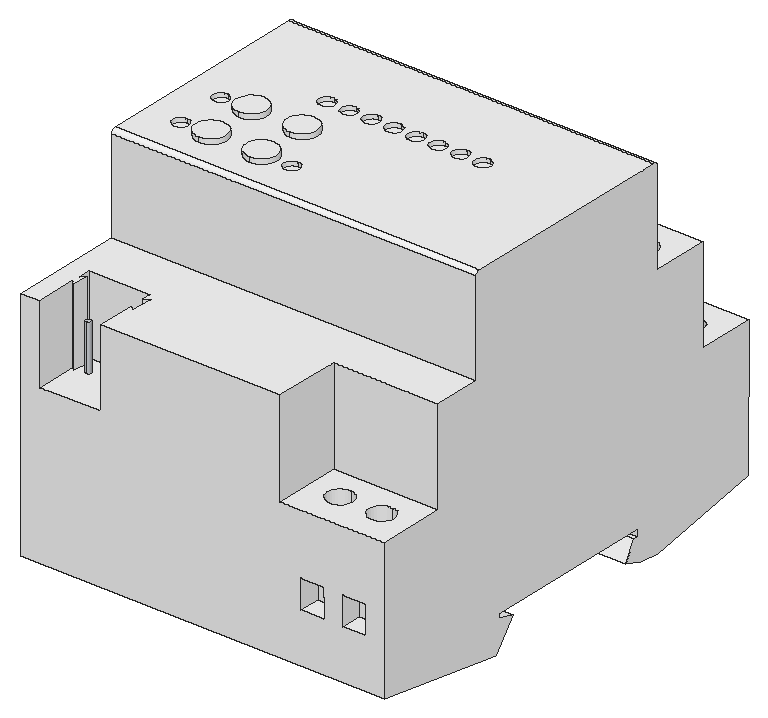
Revit family "Gira_104500", category Electrical Fixtures, host Face, Revit 2017
Family settings
  Host = Face
  Maintain Annotation Orientation = No
  Round Connector Dimension = Use Diameter
  Part Type = Normal
  Cut with Voids When Loaded = No
  Shared = No
  Room Calculation Point = No
Parameters (values of type "Swit.act. 4-g 16 A man.act. + C-load KNX DRA")
  With switch function = no
  URL = "https://www.gira.de/"
  Type Comments = ""
  Suitable for C-load = yes
  Rated current [Ampere] = 16
  Output voltage [Volt] = ""
  Output current [Ampere] = ""
  Number of outputs = 0
  Number of inputs = 0
  Number of binary inputs = 0
  Model = ""
  Max. number of venetian-blind outputs = 0
  Max. number of switching contacts = 4
  Manufacturer = "Gira"
  Local operation/hand operation = yes
  Keynote = ""
  HeinzeBIM = "https://www.heinze.de/bim/swit-act-4-g-16-a-man-act-c-load-knx-dra/0fc7e0d236254f28f1635273de1e57fbb803f5fc"
  HAN = "104500"
  GTIN = "4010337042266"
  Description = "Swit.act.4g 16A C load DRA KNX KNX switching actuator, 4-gang 16 A with manual actuation and current measurement for C-loads,DRA plus DRA switching actuators with integrated bus coupler. For switching independently controllable groups of loads. With manual switch for switching over the relay (On Off) parallel or without KNX operation. Multi-phase connection. No additional power supply required.,Features: - Manual actuation of the relay independent of the bus or switching position indication. - NO contact or NC contact operation. - Central switching function. - Group feedback for reduction of bus load. - Active or passive (object can be read out) cyclical feedback function. - Feedback can be delayed until after the recovery of bus voltage. - Logical linking function for each output. - Block function can be parameterised for each channel. As an alternative, forced setting function for each output. - Time functions (switch-on off delay, staircase light function – also with advance warning function). - Integration in light scenes is possible, eight internal scenes at the most can be parameterised per channel. - Memory function for light scenes. - Elapsed operating time meter as forward backward counter with limit function (limit can be changed via bus) can be activated for each output. - Input monitoring for cyclical updating with safety setting. - Reactions in case of bus voltage failure and restoration can be set for each channel following an ETS programming process. - The switching contacts of the switching actuator, 4-gang, C-load are especially designed for loads with a capacitive character, and therefore conditional, brief, high switch-on currents (see Technical Data). - The switching actuator has an integrated current detection. - A current measurement can be carried out for each channel. - Independent switching of the four outputs. - Current detection: Measurement of load current for each channel. - Threshold values for load monitoring (e.g. signalling of load failure).,Notes : - Installation on DIN top-hat rail. - VDE approval in accordance with EN 60669-1, EN 60669-2-1."
  Default Elevation = 1219.2 mm
  Cost = 0
  Bus connection included = yes
  BIMSITE_PRODUCT_ID = "0fc7e0d236254f28f1635273de1e57fbb803f5fc"
  BIM = "https://media.live.bim.site/t/eyJhbGciOiJIUzI1NiIsInR5cCI6IkpXVCJ9.eyJjdCI6MSwidGYiOiJwdWJsaWMvZ2lyYS8wOWY1ZGI1L1JFRyA4Zi5yZmEiLCJjaWQiOiJmZWQ5OGU5YS0xYmQ4LTRjNjgtYTczYi03NGE5NGUzMTU4MjMiLCJyaWQiOiJlOTk0MTNiZmMxYTU5NDg3NTcxYTkwYmUzNGM0NDg2MyIsInBpZCI6IjBmYzdlMGQyMzYyNTRmMjhmMTYzNTI3M2RlMWU1N2ZiYjgwM2Y1ZmMiLCJzaWQiOiI2MzQ3MCIsInV0Ijo1LCJsYyI6ImVuIiwiaWF0IjoxNjA3NDMxMzIyLCJpc3MiOiJodHRwczovL2FwaS5saXZlLmJpbS5zaXRlIiwic3ViIjoiOGQzYWE1Y2ItZTA2Ni00NTk4LWJlMTYtNmUxNmVlNzQ5NTZhIn0.EuyY4DbUzcxa_sqAhID9XmsJO53fnwT04BXK0I8WJYc/REG 8f.rfa"
  Assembly Code = ""
Reference planes
  plane 1 "Center (Front/Back)": y = 0
  plane 2: z = 0
  plane 3 "Center (Left/Right)": x = 0
Forms (mm)
  Extrusion 1, solid, material "White", detail levels fine
    sketch origin (0, 0, 0) x (0, 1, 0) y (0, 0, 1)
      loop
        line (45.125, -2.619) -> (45.125, 24.95) -> (33.875, 24.95) -> (33.875, 43.8) -> (22.575, 43.8) -> (22.575, 62.05)
        arc (22.575, 62.05) -> (22.311, 62.686) -> (21.675, 62.95) r 0.9
        line (21.675, 62.95) -> (-21.175, 62.95)
        arc (-21.175, 62.95) -> (-21.785, 62.758) -> (-22.175, 62.25) r 1.064
        line (-22.175, 62.25) -> (-22.175, 43.8) -> (-44.725, 43.8) -> (-44.725, -2.619)
        arc (-44.725, -2.619) -> (-31.081, -5.433) -> (-17.243, -7.049) r 160
        line (-17.243, -7.049) -> (-13.165, -1.734) -> (-16.399, -0.807) -> (-16.399, 0) -> (17.8, 0) -> (17.8, -1.4) -> (16.8, -1.4) -> (14.749, -4.952)
        arc (14.749, -4.952) -> (18.64, -6.184) -> (22.7, -6.6) r 20
        arc (22.7, -6.6) -> (33.983, -5.009) -> (45.125, -2.619) r 160
    from -36 to 36
  Extrusion 2, void, detail levels fine
    sketch origin (0, 0, 0) x (1, 0, 0) y (0, 1, 0)
      loop
        circle (30, 26.925) r 2.55
      loop
        circle (21.75, 26.925) r 2.55
      loop
        circle (12.75, 26.925) r 2.55
      loop
        circle (4.5, 26.925) r 2.55
      loop
        circle (-4.5, 26.925) r 2.55
      loop
        circle (-12.75, 26.925) r 2.55
      loop
        circle (-21.75, 26.925) r 2.55
      loop
        circle (-30, 26.925) r 2.55
    from 37.936 to 43.8
  Extrusion 3, void, detail levels fine
    sketch origin (0, 11.25, -18.85) x (1, 0, 0) y (0, 1, 0)
      loop
        circle (30, 26.925) r 2.55
      loop
        circle (21.75, 26.925) r 2.55
      loop
        circle (12.75, 26.925) r 2.55
      loop
        circle (4.5, 26.925) r 2.55
      loop
        circle (-4.5, 26.925) r 2.55
      loop
        circle (-12.75, 26.925) r 2.55
      loop
        circle (-21.75, 26.925) r 2.55
      loop
        circle (-30, 26.925) r 2.55
    from 37.936 to 43.8
  Extrusion 4, void, detail levels fine
    sketch origin (0, 0, 0) x (1, 0, 0) y (0, 1, 0)
      loop
        circle (-13, -3.875) r 3
      loop
        circle (-23, -3.875) r 3
      loop
        circle (-23, -13.875) r 3
      loop
        circle (-13, -13.875) r 3
      loop
        circle (-29, -3.875) r 1.575
      loop
        circle (-29, -13.875) r 1.575
      loop
        circle (-7, -13.875) r 1.575
      loop
        circle (-15.4, 5.325) r 1.625
      loop
        circle (-11, 5.325) r 1.575
      loop
        circle (-6.6, 5.325) r 1.625
      loop
        circle (-2.2, 5.325) r 1.625
      loop
        circle (2.2, 5.325) r 1.625
      loop
        circle (6.6, 5.325) r 1.625
      loop
        circle (11, 5.325) r 1.575
      loop
        circle (15.4, 5.325) r 1.625
    from 58.253 to 62.95
  Extrusion 5, void, detail levels fine
    sketch origin (0, 0, 0) x (1, 0, 0) y (0, 1, 0)
      loop
        line (-32.175, -32.6) -> (-32.175, -34.9) -> (-31.24, -34.36) -> (-31.401, -37.165) -> (-32.175, -36.7) -> (-32.175, -44.875) -> (-20.175, -44.875) -> (-20.175, -37.33) -> (-19.075, -37.965) -> (-19.075, -33.635) -> (-20.175, -34.27) -> (-20.175, -32.6) -> (-32.175, -32.6)
    from 28.5 to 43.8
  Extrusion 6, solid, detail levels fine
    sketch origin (0, 0, 0) x (1, 0, 0) y (0, 1, 0)
      loop
        circle (-29.375, -36.2) r 0.5
      loop
        circle (-23.575, -36.2) r 0.5
    from 28.5 to 37.5
  Extrusion 7, void, detail levels fine
    sketch origin (0, 0, 0) x (1, 0, 0) y (0, 1, 0)
      loop
        line (15.289, -31.489) -> (15.289, -44.875) -> (36, -44.875) -> (36, -31.489) -> (15.289, -31.489)
    from 25 to 43.8
  Extrusion 8, void, detail levels fine
    sketch origin (0, 0, 0) x (1, 0, 0) y (0, 1, 0)
      loop
        circle (21.75, -37.925) r 2.55
      loop
        circle (30, -37.925) r 2.55
    from 19.086 to 24.95
  Extrusion 9, void, detail levels fine
    sketch origin (0, 0, 0) x (1, 0, 0) y (0, 0, 1)
      loop
        line (32.368, 26.75) -> (32.35, 28.865) -> (32.319, 32.45) -> (27.731, 32.45) -> (27.682, 26.75) -> (32.368, 26.75)
      loop
        line (24.118, 26.75) -> (24.1, 28.865) -> (24.069, 32.45) -> (19.481, 32.45) -> (19.432, 26.75) -> (24.118, 26.75)
      loop
        line (15.118, 26.75) -> (15.1, 28.865) -> (15.069, 32.45) -> (10.481, 32.45) -> (10.432, 26.75) -> (15.118, 26.75)
      loop
        line (6.868, 26.75) -> (6.85, 28.865) -> (6.819, 32.45) -> (2.231, 32.45) -> (2.182, 26.75) -> (6.868, 26.75)
      loop
        line (-2.182, 26.75) -> (-2.2, 28.865) -> (-2.231, 32.45) -> (-6.819, 32.45) -> (-6.868, 26.75) -> (-2.182, 26.75)
      loop
        line (-10.432, 26.75) -> (-10.45, 28.865) -> (-10.481, 32.45) -> (-15.069, 32.45) -> (-15.118, 26.75) -> (-10.432, 26.75)
      loop
        line (-19.35, 26.75) -> (-19.369, 28.865) -> (-19.4, 32.45) -> (-23.987, 32.45) -> (-24.037, 26.75) -> (-19.35, 26.75)
      loop
        line (-27.682, 26.75) -> (-27.7, 28.865) -> (-27.731, 32.45) -> (-32.319, 32.45) -> (-32.368, 26.75) -> (-27.682, 26.75)
    from -29.206 to -33.875
  Extrusion 10, void, detail levels fine
    sketch origin (0, 11.25, -19.567) x (1, 0, 0) y (0, 0, 1)
      loop
        line (32.368, 26.75) -> (32.35, 28.865) -> (32.319, 32.45) -> (27.731, 32.45) -> (27.682, 26.75) -> (32.368, 26.75)
      loop
        line (24.118, 26.75) -> (24.1, 28.865) -> (24.069, 32.45) -> (19.481, 32.45) -> (19.432, 26.75) -> (24.118, 26.75)
      loop
        line (15.118, 26.75) -> (15.1, 28.865) -> (15.069, 32.45) -> (10.481, 32.45) -> (10.432, 26.75) -> (15.118, 26.75)
      loop
        line (6.868, 26.75) -> (6.85, 28.865) -> (6.819, 32.45) -> (2.231, 32.45) -> (2.182, 26.75) -> (6.868, 26.75)
      loop
        line (-2.182, 26.75) -> (-2.2, 28.865) -> (-2.231, 32.45) -> (-6.819, 32.45) -> (-6.868, 26.75) -> (-2.182, 26.75)
      loop
        line (-10.432, 26.75) -> (-10.45, 28.865) -> (-10.481, 32.45) -> (-15.069, 32.45) -> (-15.118, 26.75) -> (-10.432, 26.75)
      loop
        line (-19.35, 26.75) -> (-19.369, 28.865) -> (-19.4, 32.45) -> (-23.987, 32.45) -> (-24.037, 26.75) -> (-19.35, 26.75)
      loop
        line (-27.682, 26.75) -> (-27.7, 28.865) -> (-27.731, 32.45) -> (-32.319, 32.45) -> (-32.368, 26.75) -> (-27.682, 26.75)
    from -29.206 to -33.875
  Extrusion 11, void, detail levels fine
    sketch origin (0, 0, 0) x (1, 0, 0) y (0, 0, 1)
      loop
        line (32.319, 12.883) -> (27.731, 12.883) -> (27.682, 7.183) -> (32.368, 7.183) -> (32.35, 9.298) -> (32.319, 12.883)
      loop
        line (24.069, 12.883) -> (19.481, 12.883) -> (19.432, 7.183) -> (24.118, 7.183) -> (24.1, 9.298) -> (24.069, 12.883)
    from 40.588 to 44.725
  Extrusion 12, solid, material "White", detail levels fine
    sketch origin (0, 0, 0) x (1, 0, 0) y (0, 1, 0)
      loop
        circle (-15.4, 5.325) r 1.625
      loop
        circle (-11, 5.325) r 1.575
      loop
        circle (-6.6, 5.325) r 1.625
      loop
        circle (-2.2, 5.325) r 1.625
      loop
        circle (2.2, 5.325) r 1.625
      loop
        circle (6.6, 5.325) r 1.625
      loop
        circle (11, 5.325) r 1.575
      loop
        circle (15.4, 5.325) r 1.625
      loop
        circle (-29, -3.875) r 1.575
      loop
        circle (-29, -13.875) r 1.575
      loop
        circle (-7, -13.875) r 1.575
    from 58.253 to 62.25
  Extrusion 13, solid, material "White", detail levels fine
    sketch origin (0, 0, 0) x (1, 0, 0) y (0, 1, 0)
      loop
        circle (-23, -3.875) r 3
      loop
        circle (-13, -3.875) r 3
      loop
        circle (-23, -13.875) r 3
      loop
        circle (-13, -13.875) r 3
    from 58.253 to 63.841
  Extrusion 14, solid, material "White", detail levels medium
    sketch origin (0, 0, 0) x (0, 1, 0) y (0, 0, 1)
      loop
        line (45.125, -7.049) -> (45.125, 24.95) -> (33.875, 24.95) -> (33.875, 43.8) -> (22.575, 43.8) -> (22.575, 63.841) -> (-22.175, 63.841) -> (-22.175, 43.8) -> (-44.725, 43.8) -> (-44.725, -7.049) -> (45.125, -7.049)
    from -36 to 36
  Extrusion 15, solid, material "White", detail levels coarse
    sketch origin (0, 0, 0) x (0, 1, 0) y (0, 0, 1)
      loop
        line (45.125, -7.049) -> (45.125, 63.841) -> (-44.725, 63.841) -> (-44.725, -7.049) -> (45.125, -7.049)
    from -36 to 36
Cuts and joins
  Extrusion 2, Extrusion 3, Extrusion 4, Extrusion 5, Extrusion 7, Extrusion 8, Extrusion 9, Extrusion 10, Extrusion 11 cuts Extrusion 1
Dimensions and locks
  aligned and locked: plane 2 to host face
  aligned and locked: level to host face
